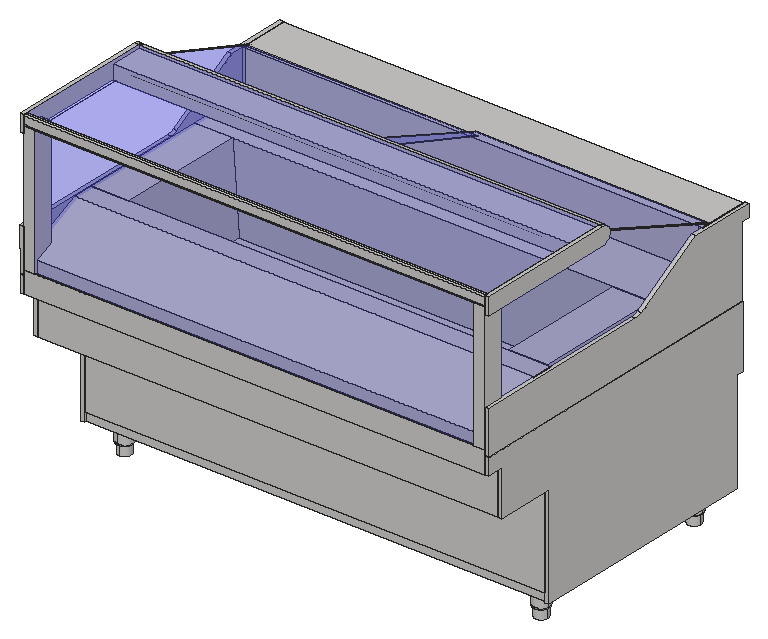
Revit family "Food-Service-Equipment_Oscartek_DCS1610-46H", category Specialty Equipment, Revit 2026
Family settings
  Round Connector Dimension = Use Diameter
  Part Type = Normal
  Classification Number = 23.40.40.11
  Work Plane-Based = No
  Enable Cutting in Views = No
  Always vertical = Yes
  Cut with Voids When Loaded = No
  Maintain Annotation Orientation = No
  Shared = No
  Room Calculation Point = No
Parameters
  Width = 63 3/4"  # constant formula
  Weight in Pounds = 331
  Watts = 1000 W
  Waste Water Discharge Temperature [instance] = -459.67 °F
  Volts = 220 V
  URL Cutsheet = "www.oscartek.com"
  URL = "www.oscartek.com"
  Type Mark [instance] = ""
  Type Comments = "As Specified"
  Test Data = "http://www.oscartek.com/company/clients.php"
  Status [instance] = ""
  Specification by User [instance] = ""
  Specification by Manufacturer = ""
  Specification = "https://www.arcat.com/arcatcos/cos48/arc48760.html"
  Show Clearance [instance] = yes
  Serial Number = ""
  Seismic Rating = ""
  Sales Information = "http://www.oscartek.com/company/contact.php"
  SMACNA No = ""
  Revision Code [instance] = ""
  Revision = "R1_2018-10"
  Product Data = "http://www.oscartek.com/support/manuals/"
  Plumbing Remarks [instance] = ""
  Plumbing Connection Type [instance] = ""
  Phase = 1
  Omniclass Number and Title = ""
  Number of Poles [instance] = 1
  NAFEM Spec ID Number = ""
  Model = "DCS1610-46H"
  Min Ckt Ampacity = 0 A
  Max Overcurrent Protection = 0 A
  Masterspec = ""
  Manufacturer Website = "http://www.oscartek.com/index.php"
  Manufacturer Phone - Toll Free = "855-885-2400"
  Manufacturer Phone = "650-342-2400"
  Manufacturer Fax = "650-342-7400"
  Manufacturer Address = "361 Beach Rd., Burlingame, CA 94010"
  Manufacturer = "OSCARTEK"
  Light Length = Width - 4"  # 59 3/4"
  Item Number [instance] = ""
  Installed By [instance] = ""
  Installation-Fabrication = "http://www.oscartek.com/support/manuals/"
  Indirect Waste Size = 1"  # constant formula
  Indirect Waste Flow [instance] = 0 GPM
  Indirect Waste Connection Type [instance] = ""
  Indirect Waste Connection Height = 0"
  Identify Quantity as Lot [instance] = yes
  HP = ""
  Green Building-LEED = "https://www.arcat.com/green/green_building.shtml"
  Furnished By [instance] = ""
  Foodservice Equipment Identifier [instance] = yes
  FL Amps = Watts / Volts  # 4.54545 A
  Electrical Remarks [instance] = ""
  Electric Connection Type [instance] = ""
  Elec Conn RI Height [instance] = 0"
  Elec Conn Connection Height [instance] = 0"
  Drawn By = "Sumex Design, Inc. / Robert S. Weygant, CSI, CDT, SCIP"
  Description = "DIAMOND HOT SHOWCASES"
  Default Elevation = 0"
  Cycle = 60 Hz
  Copyright = "©Arcat Inc."
  Construction Details = "http://www.oscartek.com/support/manuals/"
  Conn Plug = ""
  Conn Conduit = yes
  Category = ""
  CSI MasterFormat = "11 41 33"
  CSI Master Format = "Foodservice Shelving"
  Building Codes = "https://www.arcat.com/arcatcos/cos48/arc48760.html"
  Body Finish [instance] = QF_Finishes_Stainless Steel
  Apparent Power = if(Phase = 3, Volts * FL Amps * 1.73, Volts * FL Amps)  # 1000 VA
Reference planes (in)
  plane 1 "BACK": y = 0
  plane 2: z = 0
  plane 3 "LEFT": x = 0
  plane 4 "RIGHT": x = 63.75
  plane 5 "FRONT": y = -44.25
  plane 6 "TOP": z = 45.99999
  plane 7 "Center Y": x = 31.875
  plane 8 "Center X": y = -22.125
  plane 9 "base": z = 17.92856
  plane 10: x = 1
  plane 11: x = 62.75
Forms (in)
  Extrusion 1, solid, material "QF_Finishes_Stainless Steel" <- "Body Finish"
    sketch origin (0, -44.25, 0) x (0, -1, 0) y (0, 0, -1)
      loop
        line (-0.5528, -44.60986) -> (-0.5528, -46) -> (-0.12856, -46)
        arc (-0.12856, -46) -> (-0.03766, -45.96234) -> (0, -45.87143) r 0.12856
        line (0, -45.87143) -> (0, -44.78387)
        arc (0, -44.78387) -> (-0.05096, -44.66083) -> (-0.174, -44.60986) r 0.174
        line (-0.174, -44.60986) -> (-0.5528, -44.60986)
      loop
        line (-19.5564, -46) -> (-19.5564, -45.59411) -> (-15.11183, -45.59411) -> (-15.11183, -43.67954) -> (-15.61183, -43.67954) -> (-15.61183, -44.92954) -> (-18.0564, -44.92954) -> (-18.0564, -43.67954) -> (-19.5564, -43.67954)
        arc (-19.5564, -43.67954) -> (-20.71663, -44.83977) -> (-19.5564, -46) r 1.16023
      loop
        line (-2.31297, -17.92856) -> (-10.28174, -17.92856) -> (-10.28174, -5.22229) -> (-10.53174, -5.22229) -> (-10.53174, -3.97229) -> (-16.20099, -3.97229) -> (-16.20099, -5.22229) -> (-36.65227, -5.22229) -> (-36.65227, -3.97229) -> (-42.24423, -3.97229) -> (-42.24423, -5.22229) -> (-42.36829, -5.22229) -> (-42.36829, -17.92856) -> (-43.22627, -17.92856) -> (-43.22627, -36.17971) -> (-44.06429, -36.17971) -> (-44.06429, -37.95445) -> (-37.12476, -37.95445) -> (-37.12476, -32.3647) -> (-28.93013, -32.3647) -> (-30.04596, -19.61061) -> (-9.59393, -20.14991) -> (-11.31061, -32.3647) -> (-8.56061, -32.3647) -> (-0.2764, -28.67633) -> (-0.2764, -27.10344) -> (0, -27.10344) -> (0, -24.10344) -> (-2.31297, -24.10344) -> (-2.31297, -17.92856)
    from 0.5 to 63.25
  Extrusion 2, solid, material "QF_Finishes_Stainless Steel" <- "Body Finish"
    sketch origin (0, -44.25, 0) x (0, -1, 0) y (0, 0, -1)
      loop
        line (-2.31297, -17.92856) -> (-10.28174, -17.92856) -> (-10.28174, -3.97229) -> (-42.36829, -3.97229) -> (-42.36829, -17.92856) -> (-43.23446, -17.92856) -> (-43.23446, -26.40315) -> (0, -26.40315) -> (0, -24.10344) -> (-2.31297, -24.10344) -> (-2.31297, -17.92856)
      loop
        line (-35.31011, -37.95445) -> (-26.08517, -32.62843)
        arc (-26.08517, -32.62843) -> (-25.6104, -32.43178) -> (-25.10092, -32.3647) r 1.9685
        line (-25.10092, -32.3647) -> (0, -32.3647) -> (0, -26.52815) -> (-43.22627, -26.52815) -> (-43.22627, -36.17971) -> (-44.25, -36.17971) -> (-44.25, -37.95445) -> (-35.31011, -37.95445)
    from 0 to 0.5
  Extrusion 3, solid, material "QF_Finishes_Stainless Steel" <- "Body Finish"
    sketch origin (0, -44.25, 0) x (0, -1, 0) y (0, 0, -1)
      loop
        line (0, -27.10344) -> (-2.74998, -27.10344) -> (-2.74998, -44.60986) -> (0, -44.60986) -> (0, -27.10344)
    from 0.5 to 2
  Extrusion 4, solid, material "QF_Finishes_Stainless Steel" <- "Body Finish"
    sketch origin (0, -44.25, 0) x (0, -1, 0) y (0, 0, -1)
      loop
        line (0, -46) -> (0, -43.67954) -> (-19.5564, -43.67954)
        arc (-19.5564, -43.67954) -> (-20.71663, -44.83977) -> (-19.5564, -46) r 1.16023
        line (-19.5564, -46) -> (0, -46)
    from 0 to 0.5
  Extrusion 5, solid, material "QF_Finishes_Stainless Steel" <- "Body Finish"
    sketch origin (63.75, 0, 0) x (0, 1, 0) y (0, 0, 1)
      loop
        line (-44.25, 46) -> (-44.25, 43.67954) -> (-24.6936, 43.67954)
        arc (-24.6936, 43.67954) -> (-23.53337, 44.83977) -> (-24.6936, 46) r 1.16023
        line (-24.6936, 46) -> (-44.25, 46)
    from 0 to -0.5
  Extrusion 6, solid, material "QF_Finishes_Stainless Steel" <- "Body Finish"
    sketch origin (44, -44.25, 0) x (0, -1, 0) y (0, 0, -1)
      loop
        line (0, -27.10344) -> (-2.74998, -27.10344) -> (-2.74998, -44.60986) -> (0, -44.60986) -> (0, -27.10344)
    from 19.25 to 17.75
  Extrusion 7, solid, material "Glass"
    sketch origin (0, -44.25, 0) x (1, 0, 0) y (0, 1, 0)
      loop
        line (2, 0) -> (61.75, 0) -> (61.75, 0.2764) -> (2, 0.2764) -> (2, 0)
    from 27.10344 to 44.60986
  Extrusion 8, solid, material "QF_Finishes_Stainless Steel" <- "Body Finish"
    sketch origin (63.75, 0, 0) x (0, 1, 0) y (0, 0, 1)
      loop
        line (-41.93703, 17.92856) -> (-33.96826, 17.92856) -> (-33.96826, 3.97229) -> (-1.88171, 3.97229) -> (-1.88171, 17.92856) -> (-1.01554, 17.92856) -> (-1.01554, 26.40315) -> (-44.25, 26.40315) -> (-44.25, 24.10344) -> (-41.93703, 24.10344) -> (-41.93703, 17.92856)
      loop
        line (-8.93989, 37.95445) -> (-18.16483, 32.62843)
        arc (-18.16483, 32.62843) -> (-18.6396, 32.43178) -> (-19.14908, 32.3647) r 1.9685
        line (-19.14908, 32.3647) -> (-44.25, 32.3647) -> (-44.25, 26.52815) -> (-1.02373, 26.52815) -> (-1.02373, 36.17971) -> (0, 36.17971) -> (0, 37.95445) -> (-8.93989, 37.95445)
    from 0 to -0.5
  Revolve 9, solid, material "QF_Finishes_Stainless Steel"
    sketch origin (3.5, -44.25, 0) x (0, -1, 0) y (0, 0, -1)
      loop
        line (-13.37229, 0) -> (-13.37229, -3.97229) -> (-12.18681, -3.97229) -> (-12.18681, -3.77531) -> (-12.27584, -3.77531) -> (-12.27584, -1.45503)
        arc (-12.27584, -1.45503) -> (-12.32001, -1.34838) -> (-12.42666, -1.30421) r 0.15082
        line (-12.42666, -1.30421) -> (-12.50615, -1.30421) -> (-12.50615, 0) -> (-13.37229, 0)
      axis (-13.37229, -3.97229) -> (-13.37229, 0)
    angle from 0 to 360
  Revolve 10, solid, material "QF_Finishes_Stainless Steel"
    sketch origin (3.5, -18.18706, 0) x (0, -1, 0) y (0, 0, -1)
      loop
        line (-13.37229, 0) -> (-13.37229, -3.97229) -> (-12.18681, -3.97229) -> (-12.18681, -3.77531) -> (-12.27584, -3.77531) -> (-12.27584, -1.45503)
        arc (-12.27584, -1.45503) -> (-12.32001, -1.34838) -> (-12.42666, -1.30421) r 0.15082
        line (-12.42666, -1.30421) -> (-12.50615, -1.30421) -> (-12.50615, 0) -> (-13.37229, 0)
      axis (-13.37229, -3.97229) -> (-13.37229, 0)
    angle from 0 to 360
  Revolve 11, solid, material "QF_Finishes_Stainless Steel"
    sketch origin (53.87229, -30.87771, 0) x (1, 0, 0) y (0, 0, 1)
      loop
        line (6.37771, 0) -> (7.24385, 0) -> (7.24385, 1.30421) -> (7.32334, 1.30421)
        arc (7.32334, 1.30421) -> (7.42999, 1.34838) -> (7.47416, 1.45503) r 0.15082
        line (7.47416, 1.45503) -> (7.47416, 3.77531) -> (7.56319, 3.77531) -> (7.56319, 3.97229) -> (6.37771, 3.97229) -> (6.37771, 0)
      axis (6.37771, 3.97229) -> (6.37771, 0)
    angle from 0 to 360
  Revolve 12, solid, material "QF_Finishes_Stainless Steel"
    sketch origin (53.87229, -4.81477, 0) x (1, 0, 0) y (0, 0, 1)
      loop
        line (6.37771, 0) -> (7.24385, 0) -> (7.24385, 1.30421) -> (7.32334, 1.30421)
        arc (7.32334, 1.30421) -> (7.42999, 1.34838) -> (7.47416, 1.45503) r 0.15082
        line (7.47416, 1.45503) -> (7.47416, 3.77531) -> (7.56319, 3.77531) -> (7.56319, 3.97229) -> (6.37771, 3.97229) -> (6.37771, 0)
      axis (6.37771, 3.97229) -> (6.37771, 0)
    angle from 0 to 360
  Extrusion 13, solid, material "Glass"
    sketch origin (0, -44.25, 0) x (0, -1, 0) y (0, 0, -1)
      loop
        line (-0.5528, -46) -> (-0.5528, -45.59411) -> (-19.5564, -45.59411) -> (-19.5564, -46) -> (-0.5528, -46)
    from 0.5 to 63.25
  Extrusion 14, solid, material "QF_Finishes_Door Clearance", visible <- "Show Clearance", detail levels coarse
    sketch origin (0, -44.25, 0) x (0, -1, 0) y (0, 0, -1)
      loop
        line (17.50642, -27.10344) -> (0, -27.10344) -> (0, -44.60986)
        arc (0, -44.60986) -> (12.37891, -39.48235) -> (17.50642, -27.10344) r 17.50642
    from 0.5 to 63.25
  Extrusion 15, solid, material "QF_Finishes_Stainless Steel"
    sketch origin (0, -44.25, 17.92856) x (-1, 0, 0) y (0, -1, 0)
      loop
        circle (-5.75, -36.79348) r 0.5
      loop
        circle (-58, -36.79348) r 0.5
    from 0 to -1
  Extrusion 16, solid, material "QF_Finishes_Stainless Steel"
    sketch origin (6.41012, -1.88171, 5.22229) x (0, 0, 1) y (-1, 0, 0)
      loop
        line (12.70627, -40.1062) -> (11.20627, -40.1062) -> (11.20627, -46.1062) -> (12.70627, -46.1062) -> (12.70627, -40.1062)
    from 0 to -1
  Extrusion 17, solid, material "Glass"
    sketch origin (44, -44.25, 0) x (0, -1, 0) y (0, 0, 1)
      loop
        line (-20.70992, 44.96435) -> (-38.26035, 38.10722) -> (-38.20304, 37.96053) -> (-20.71601, 44.80186)
        arc (-20.71601, 44.80186) -> (-20.71582, 44.88321) -> (-20.70992, 44.96435) r 1.16023
    from -19.25 to 12.625
  Extrusion 18, solid, material "Glass"
    sketch origin (0, -44.25, 0) x (0, -1, 0) y (0, 0, 1)
      loop
        line (-2.74998, 43.67954) -> (-19.5564, 43.67954)
        arc (-19.5564, 43.67954) -> (-20.14761, 43.84147) -> (-20.5738, 44.28206) r 1.16023
        line (-20.5738, 44.28206) -> (-38.07788, 37.95445) -> (-37.12476, 37.95445) -> (-37.12476, 26.42856) -> (-7.45443, 26.42856) -> (-7.45443, 26.70633) -> (-4.63984, 28.33133) -> (-2.74998, 28.33133) -> (-2.74998, 43.67954)
    from -0.5 to -1
  Extrusion 19, solid, material "Glass"
    sketch origin (0, -44.25, 0) x (0, -1, 0) y (0, 0, 1)
      loop
        line (-20.5738, 44.28206) -> (-37.65129, 38.10866) -> (-37.59776, 37.96056) -> (-20.48648, 44.14617)
        arc (-20.48648, 44.14617) -> (-20.53251, 44.2126) -> (-20.5738, 44.28206) r 1.16023
    from -0.5 to -32.375
  Extrusion 20, solid, material "Glass"
    sketch origin (62.75, -180, 44.05288) x (0, 0, -1) y (0, 1, 0)
      loop
        line (0.37334, 138.49998) -> (15.72156, 138.49998) -> (15.72156, 140.38984) -> (17.34656, 143.20443) -> (17.62432, 143.20443) -> (17.62432, 172.87476) -> (6.09843, 172.87476) -> (6.09843, 173.96858) -> (-0.74897, 156.46601)
        arc (-0.74897, 156.46601) -> (0.04682, 156.11329) -> (0.37334, 155.3064) r 1.16023
        line (0.37334, 155.3064) -> (0.37334, 138.49998)
    from 0.5 to 0
  Extrusion 21, solid, material "QF_Finishes_Stainless Steel" <- "Body Finish"
    sketch origin (0, 0.88572, 0) x (0, 1, 0) y (0, 0, 1)
      loop
        line (-15.08975, 19.61061) -> (-16.20559, 32.3647) -> (-33.82511, 32.3647) -> (-35.54179, 20.14991) -> (-15.08975, 19.61061)
    from 0.5 to 5.75
  Extrusion 22, solid, material "QF_Finishes_Stainless Steel" <- "Body Finish"
    sketch origin (63.25, 0.88572, 0) x (0, -1, 0) y (0, 0, 1)
      loop
        line (15.08975, 19.61061) -> (35.54179, 20.14991) -> (33.82511, 32.3647) -> (16.20559, 32.3647) -> (15.08975, 19.61061)
    from 0.5 to 5.75
Lines and regions (in)
  Split face 1
    outline origin (6.41012, -0.88171, 5.22229) x (0, 0, 1) y (-1, 0, 0)
      loop
        line (12.34422, -41.26577) -> (11.59422, -41.26577) -> (11.59422, -45.26577) -> (12.34422, -45.26577) -> (12.34422, -41.26577)
  symbolic lines
    curve 1: line (0, -44.25, 0) -> (63.75, -44.25, 0)
    curve 2: line (0, 0, 0) -> (0, -44.25, 0)
    curve 3: line (63.75, -44.25, 0) -> (63.75, 0, 0)
    curve 4: line (63.25, 0, 0) -> (63.25, -44.25, 0)
    curve 5: line (0.5, -44.25, 0) -> (0.5, 0, 0)
    curve 6: line (0.5, -6.59871, 0) -> (31.375, -6.59871, 0)
    curve 7: line (31.375, -5.98965, 0) -> (31.375, -23.53337, 0)
    curve 8: line (31.375, -5.98965, 0) -> (63.25, -5.98965, 0)
    curve 9: line (0, -23.53337, 0) -> (63.75, -23.53337, 0)
    curve 10: line (0.5, -24.7561, 0) -> (63.25, -24.7561, 0)
    curve 11: line (0.5, -43.6537, 0) -> (63.25, -43.6537, 0)
    curve 12: line (0, 0, 0) -> (63.75, 0, 0)
  symbolic lines, style "QF-Door Swings"
    curve 13: line (63.25, -61.87838, 0) -> (0.5, -61.87838, 0)
    curve 14: line (0.5, -61.87838, 0) -> (0.5, -44.25, 0)
    curve 15: line (63.25, -44.25, 0) -> (63.25, -61.87838, 0)
Dimensions and locks (in)
  equal spacing: plane 3 "LEFT", plane 7 "Center Y", plane 4 "RIGHT"
  "Width": plane 3 "LEFT" to plane 4 "RIGHT"
  equal spacing: plane 5 "FRONT", plane 8 "Center X", plane 1 "BACK"
  plane 5 "FRONT" to plane 1 "BACK" = 44 1/4"
  Extrusion 16 sketch curve to Extrusion 16 sketch curve to plane 4 "RIGHT" = 6" locked, 11.23369"
  locked: plane 3 "LEFT" to plane 10 at 1
  locked: plane 4 "RIGHT" to plane 11 at 1
  plane 4 "RIGHT" to Extrusion 6 to Extrusion 6 = 1/2" locked, 1 1/2" locked
  Extrusion 3 to Extrusion 3 to plane 3 "LEFT" = 1 1/2" locked, 1/2" locked
  Extrusion 17 to plane 7 "Center Y" to Extrusion 19 = 1/2" locked, 1/2" locked
  plane 6 "TOP" to level = 46"
  aligned and locked: level to plane 2
  aligned and locked: Extrusion 14 to Extrusion 6
  aligned and locked: Extrusion 6 to Extrusion 17
  aligned and locked: Extrusion 1 to Extrusion 6
  aligned and locked: Extrusion 6 to Extrusion 13
  aligned and locked: nested 1 to plane 7 "Center Y"
Automatic sketch dimensions
  Extrusion 2 sketch curve to plane 9 "base" = 0"  (x2)
  plane 1 "BACK" to Extrusion 2 sketch curve = 0"
  plane 1 "BACK" to Extrusion 2 sketch curve = 1.01554"
  Extrusion 2 sketch curve to Extrusion 2 sketch curve = 0.00819"
  plane 1 "BACK" to Extrusion 2 sketch curve = 1.88171"
  Extrusion 2 sketch curve to Extrusion 2 sketch curve = 7.91616"
  plane 8 "Center X" to Extrusion 2 sketch curve = 3.96017"
  Extrusion 2 sketch curve to Extrusion 2 sketch curve = 0.98425"
  level to Extrusion 2 sketch curve = 3.97229"
  Extrusion 2 sketch curve to plane 5 "FRONT" = 10.28174"
  Extrusion 2 sketch curve to plane 5 "FRONT" = 2.31297"
  plane 5 "FRONT" to Extrusion 2 sketch curve = 0"
  Extrusion 2 sketch curve to Extrusion 2 sketch curve = 0"
  Extrusion 2 sketch curve to Extrusion 2 sketch curve = 6.17488"
  Extrusion 2 sketch curve to Extrusion 2 sketch curve = 2.29971"
  Extrusion 2 sketch curve to Extrusion 2 sketch curve = 1/8"
  Extrusion 2 sketch curve to Extrusion 2 sketch curve = 5.83655"
  Extrusion 2 sketch curve to Extrusion 2 sketch curve = 0.26373"
  Extrusion 2 sketch curve to Extrusion 2 sketch curve = 9.65156"
  Extrusion 2 sketch curve to Extrusion 2 sketch curve = 1.77474"
  Extrusion 3 sketch curve to plane 5 "FRONT" = 2.74998"
  plane 5 "FRONT" to Extrusion 3 sketch curve = 0"
  plane 9 "base" to Extrusion 3 sketch curve = 26.6813"
  plane 9 "base" to Extrusion 3 sketch curve = 9.17488"
  Extrusion 4 sketch curve to plane 8 "Center X" = 2.5686"
  plane 5 "FRONT" to Extrusion 4 sketch curve = 0"
  plane 9 "base" to Extrusion 4 sketch curve = 28.07144"
  Extrusion 4 sketch curve to Extrusion 4 sketch curve = 1.16023"
  Extrusion 6 sketch curve to plane 5 "FRONT" = 2.74998"
  plane 5 "FRONT" to Extrusion 6 sketch curve = 0"
  plane 9 "base" to Extrusion 6 sketch curve = 26.6813"
  plane 9 "base" to Extrusion 6 sketch curve = 9.17488"
  plane 5 "FRONT" to Extrusion 7 sketch curve = 0.2764"
  Extrusion 7 sketch curve to plane 3 "LEFT" = 2"
  Extrusion 7 sketch curve to plane 5 "FRONT" = 0"
  plane 4 "RIGHT" to Extrusion 7 sketch curve = 2"
  Revolve 9 sketch curve to level = 0"
  Revolve 9 sketch curve to plane 8 "Center X" = 8.75271"
  Revolve 9 sketch curve to Revolve 9 sketch curve = 0"
  Revolve 9 sketch curve to Revolve 9 sketch curve = 0.86614"
  Revolve 9 sketch curve to Revolve 9 sketch curve = 0.07949"
  Revolve 9 sketch curve to Revolve 9 sketch curve = 1.09644"
  Revolve 9 sketch curve to Revolve 9 sketch curve = 0.08904"
  level to Revolve 9 sketch curve = 1.30421"
  Revolve 9 sketch curve to Revolve 9 sketch curve = 1.40035"
  Revolve 9 sketch curve to Revolve 9 sketch curve = 0.91993"
  Revolve 9 sketch curve to Revolve 9 sketch curve = 0.19698"
  Revolve 9 sketch curve to Revolve 9 sketch curve = 0.14462"
  Revolve 10 sketch curve to level = 0"
  plane 1 "BACK" to Revolve 10 sketch curve = 4.81477"
  Revolve 10 sketch curve to Revolve 10 sketch curve = 0"
  Revolve 10 sketch curve to Revolve 10 sketch curve = 0.86614"
  Revolve 10 sketch curve to Revolve 10 sketch curve = 0.07949"
  Revolve 10 sketch curve to Revolve 10 sketch curve = 1.09644"
  Revolve 10 sketch curve to Revolve 10 sketch curve = 0.08904"
  level to Revolve 10 sketch curve = 1.30421"
  Revolve 10 sketch curve to Revolve 10 sketch curve = 1.40035"
  Revolve 10 sketch curve to Revolve 10 sketch curve = 0.91993"
  Revolve 10 sketch curve to Revolve 10 sketch curve = 0.19698"
  Revolve 10 sketch curve to Revolve 10 sketch curve = 0.14462"
  Revolve 11 sketch curve to level = 0"
  Revolve 11 sketch curve to Revolve 11 sketch curve = 0"
  Revolve 11 sketch curve to Revolve 11 sketch curve = 0.86614"
  Revolve 11 sketch curve to Revolve 11 sketch curve = 0.07949"
  Revolve 11 sketch curve to Revolve 11 sketch curve = 1.09644"
  Revolve 11 sketch curve to Revolve 11 sketch curve = 0.08904"
  Revolve 11 sketch curve to Revolve 11 sketch curve = 0.14462"
  level to Revolve 11 sketch curve = 1.30421"
  Revolve 11 sketch curve to Revolve 11 sketch curve = 1.40035"
  Revolve 11 sketch curve to Revolve 11 sketch curve = 0.91993"
  Revolve 11 sketch curve to Revolve 11 sketch curve = 0.19698"
  Revolve 12 sketch curve to level = 0"
  Revolve 12 sketch curve to Revolve 12 sketch curve = 0"
  Revolve 12 sketch curve to Revolve 12 sketch curve = 0.86614"
  Revolve 12 sketch curve to Revolve 12 sketch curve = 0.07949"
  Revolve 12 sketch curve to Revolve 12 sketch curve = 1.09644"
  Revolve 12 sketch curve to Revolve 12 sketch curve = 0.08904"
  Revolve 12 sketch curve to Revolve 12 sketch curve = 0.14462"
  level to Revolve 12 sketch curve = 1.30421"
  Revolve 12 sketch curve to Revolve 12 sketch curve = 1.40035"
  Revolve 12 sketch curve to Revolve 12 sketch curve = 0.91993"
  Revolve 12 sketch curve to Revolve 12 sketch curve = 0.19698"
  Extrusion 13 sketch curve to plane 8 "Center X" = 2.5686"
  Extrusion 13 sketch curve to plane 5 "FRONT" = 0.5528"
  plane 9 "base" to Extrusion 13 sketch curve = 28.07144"
  Extrusion 13 sketch curve to Extrusion 13 sketch curve = 0.40588"
  Extrusion 15 sketch curve to plane 4 "RIGHT" = 5 3/4"
  plane 3 "LEFT" to Extrusion 15 sketch curve = 5 3/4"
  plane 1 "BACK" to Extrusion 15 sketch curve = 7.45652"  (x2)
  Extrusion 16 sketch curve to plane 9 "base" = 0"
  Extrusion 16 sketch curve to Extrusion 16 sketch curve = 1 1/2"
  Split face 1 sketch curve to Extrusion 16 = 0.38795"
  Split face 1 sketch curve to Extrusion 16 = 0.36205"
  Split face 1 sketch curve to Extrusion 16 = 0.84043"
  Split face 1 sketch curve to Extrusion 16 = 1.15957"
  plane 1 "BACK" to Extrusion 17 sketch curve = 5.98965"
  Extrusion 17 sketch curve to Extrusion 17 sketch curve = 0.05731"
  Extrusion 17 sketch curve to plane 8 "Center X" = 1.41508"
  Extrusion 17 sketch curve to Extrusion 17 sketch curve = 0.00609"
  Extrusion 17 sketch curve to Extrusion 17 sketch curve = 1.15961"
  plane 9 "base" to Extrusion 17 sketch curve = 20.03197"
  Extrusion 17 sketch curve to Extrusion 17 sketch curve = 0.14668"
  plane 1 "BACK" to Extrusion 18 sketch curve = 6.17212"
  Extrusion 18 sketch curve to Extrusion 18 sketch curve = 61/64"
  Extrusion 18 sketch curve to plane 8 "Center X" = 1.5512"
  Extrusion 18 sketch curve to Extrusion 18 sketch curve = 1.0174"
  Extrusion 18 sketch curve to plane 5 "FRONT" = 7.45443"
  Extrusion 18 sketch curve to Extrusion 18 sketch curve = 2.81458"
  Extrusion 18 sketch curve to plane 5 "FRONT" = 2.74998"
  plane 9 "base" to Extrusion 18 sketch curve = 8 1/2"
  Extrusion 18 sketch curve to Extrusion 18 sketch curve = 0.27777"
  Extrusion 18 sketch curve to Extrusion 18 sketch curve = 1 5/8"
  Extrusion 18 sketch curve to Extrusion 18 sketch curve = 11.52589"
  Extrusion 18 sketch curve to Extrusion 18 sketch curve = 15.34821"
  Extrusion 18 sketch curve to Extrusion 18 sketch curve = 0.60253"
  plane 1 "BACK" to Extrusion 19 sketch curve = 6.59871"
  Extrusion 19 sketch curve to Extrusion 19 sketch curve = 0.05354"
  Extrusion 19 sketch curve to plane 8 "Center X" = 1.5512"
  Extrusion 19 sketch curve to Extrusion 19 sketch curve = 0.08731"
  Extrusion 19 sketch curve to Extrusion 19 sketch curve = 1.0174"
  plane 9 "base" to Extrusion 19 sketch curve = 20.032"
  Extrusion 19 sketch curve to Extrusion 19 sketch curve = 0.1481"
  curve 1 to plane 3 "LEFT" = 0"
  plane 5 "FRONT" to curve 5 = 0"
  plane 1 "BACK" to curve 5 = 0"
  curve 3 to plane 4 "RIGHT" = 0"
  plane 3 "LEFT" to curve 14 = 1/2"
  plane 3 "LEFT" to curve 11 = 1/2"
  curve 4 to plane 4 "RIGHT" = 1/2"
  curve 15 to curve 4 = 0"
  plane 5 "FRONT" to curve 13 = 17.62838"
  curve 11 to plane 5 "FRONT" = 0.5963"
  curve 10 to plane 8 "Center X" = 2.6311"
  curve 10 to curve 9 = 1.22273"
  plane 1 "BACK" to curve 8 = 5.98965"
  curve 6 to curve 8 = 0.60905"
  curve 7 to plane 7 "Center Y" = 1/2"
  Extrusion 8 sketch curve to plane 5 "FRONT" = 0"  (x2)
  Extrusion 8 sketch curve to plane 9 "base" = 0"  (x2)
  Extrusion 8 sketch curve to plane 1 "BACK" = 0"
  Extrusion 8 sketch curve to plane 5 "FRONT" = 2.31297"
  level to Extrusion 8 sketch curve = 3.97229"
  Extrusion 8 sketch curve to plane 5 "FRONT" = 10.28174"
  plane 8 "Center X" to Extrusion 8 sketch curve = 2.97592"
  Extrusion 8 sketch curve to Extrusion 8 sketch curve = 0.98425"
  Extrusion 8 sketch curve to Extrusion 8 sketch curve = 8.93989"
  plane 1 "BACK" to Extrusion 8 sketch curve = 1.88171"
  plane 1 "BACK" to Extrusion 8 sketch curve = 1.02373"
  Extrusion 8 sketch curve to Extrusion 8 sketch curve = 0.86617"
  plane 9 "base" to Extrusion 8 sketch curve = 6.17488"
  Extrusion 8 sketch curve to Extrusion 8 sketch curve = 2.29971"
  Extrusion 8 sketch curve to Extrusion 8 sketch curve = 1/8"
  plane 9 "base" to Extrusion 8 sketch curve = 14.43614"
  Extrusion 8 sketch curve to Extrusion 8 sketch curve = 0.26373"
  Extrusion 8 sketch curve to Extrusion 8 sketch curve = 9.65156"
  Extrusion 8 sketch curve to Extrusion 8 sketch curve = 1.77474"
  plane 8 "Center X" to Extrusion 20 sketch curve = 2.5686"
  Extrusion 20 sketch curve to plane 9 "base" = 26.91121"
  Extrusion 20 sketch curve to Extrusion 20 sketch curve = 0.03791"
  Extrusion 20 sketch curve to Extrusion 20 sketch curve = 1.16023"
  Extrusion 20 sketch curve to plane 1 "BACK" = 6.03142"
  Extrusion 20 sketch curve to Extrusion 20 sketch curve = 6.8474"
  plane 5 "FRONT" to Extrusion 20 sketch curve = 2.74998"
  Extrusion 20 sketch curve to plane 9 "base" = 10.40277"
  Extrusion 20 sketch curve to Extrusion 20 sketch curve = 1 5/8"
  Extrusion 20 sketch curve to plane 9 "base" = 8 1/2"
  Extrusion 20 sketch curve to Extrusion 20 sketch curve = 1.09382"
  Extrusion 20 sketch curve to Extrusion 20 sketch curve = 4.70445"
  Extrusion 20 sketch curve to Extrusion 20 sketch curve = 1.88987"
  Revolve 12 sketch curve to plane 11 = 2 1/2"
  Revolve 11 sketch curve to plane 11 = 2 1/2"
  Extrusion 14 sketch curve to plane 5 "FRONT" = 0"
  plane 9 "base" to Extrusion 14 sketch curve = 26.6813"
  Extrusion 14 sketch curve to Extrusion 14 sketch curve = 17.50642"
  Extrusion 5 sketch curve to plane 5 "FRONT" = 0"
  Extrusion 5 sketch curve to plane 8 "Center X" = 2.5686"
  plane 9 "base" to Extrusion 5 sketch curve = 25.75097"
  Extrusion 5 sketch curve to Extrusion 5 sketch curve = 1.16023"
  Extrusion 1 sketch curve to plane 5 "FRONT" = 0"  (x2)
  Extrusion 1 sketch curve to plane 5 "FRONT" = 0.12856"
  Extrusion 1 sketch curve to plane 5 "FRONT" = 0.174"
  Extrusion 1 sketch curve to Extrusion 1 sketch curve = 0.3788"
  Extrusion 1 sketch curve to plane 5 "FRONT" = 0.2764"
  Extrusion 1 sketch curve to plane 5 "FRONT" = 2.31297"
  Extrusion 1 sketch curve to Extrusion 1 sketch curve = 8.28421"
  Extrusion 1 sketch curve to Extrusion 1 sketch curve = 7.28096"
  Extrusion 1 sketch curve to plane 8 "Center X" = 11.84326"
  Extrusion 1 sketch curve to Extrusion 1 sketch curve = 1/4"
  Extrusion 1 sketch curve to Extrusion 1 sketch curve = 2 3/4"
  Extrusion 1 sketch curve to plane 8 "Center X" = 7.01317"
  Extrusion 1 sketch curve to Extrusion 1 sketch curve = 1/2"
  Extrusion 1 sketch curve to plane 8 "Center X" = 5.92401"
  Extrusion 1 sketch curve to Extrusion 1 sketch curve = 2.44457"
  Extrusion 1 sketch curve to Extrusion 1 sketch curve = 1 1/2"
  plane 8 "Center X" to Extrusion 1 sketch curve = 6.80513"
  plane 8 "Center X" to Extrusion 1 sketch curve = 7.92096"
  plane 1 "BACK" to Extrusion 1 sketch curve = 7.59773"
  plane 1 "BACK" to Extrusion 1 sketch curve = 7.12524"
  plane 1 "BACK" to Extrusion 1 sketch curve = 2.00577"
  Extrusion 1 sketch curve to Extrusion 1 sketch curve = 0.12406"
  plane 1 "BACK" to Extrusion 1 sketch curve = 1.02373"
  plane 1 "BACK" to Extrusion 1 sketch curve = 0.18571"
  plane 9 "base" to Extrusion 1 sketch curve = 28.07144"
  Extrusion 1 sketch curve to Extrusion 1 sketch curve = 0"  (x2)
  Extrusion 1 sketch curve to Extrusion 1 sketch curve = 0.40588"
  Extrusion 1 sketch curve to Extrusion 1 sketch curve = 0.66458"
  Extrusion 1 sketch curve to Extrusion 1 sketch curve = 0.75435"
  Extrusion 1 sketch curve to Extrusion 1 sketch curve = 1.08757"
  Extrusion 1 sketch curve to Extrusion 1 sketch curve = 1 1/4"  (x3)
  level to Extrusion 1 sketch curve = 37.95445"
  Extrusion 1 sketch curve to Extrusion 1 sketch curve = 1.77474"
  Extrusion 1 sketch curve to Extrusion 1 sketch curve = 5.58975"
  level to Extrusion 1 sketch curve = 32.3647"
  Extrusion 1 sketch curve to Extrusion 1 sketch curve = 3.68837"
  Extrusion 1 sketch curve to Extrusion 1 sketch curve = 1.57289"
  Extrusion 1 sketch curve to Extrusion 1 sketch curve = 3"
  Extrusion 1 sketch curve to Extrusion 1 sketch curve = 3.95353"
  Extrusion 1 sketch curve to Extrusion 1 sketch curve = 12.75409"
  Extrusion 1 sketch curve to Extrusion 1 sketch curve = 6.17488"
  Extrusion 1 sketch curve to Extrusion 1 sketch curve = 1.68205"
  Extrusion 1 sketch curve to Extrusion 1 sketch curve = 12.70627"  (x2)
  plane 9 "base" to Extrusion 21 sketch curve = 2.22135"
  Extrusion 21 sketch curve to plane 5 "FRONT" = 9.59393"
  Extrusion 21 sketch curve to plane 5 "FRONT" = 11.31061"
  plane 8 "Center X" to Extrusion 21 sketch curve = 6.80513"
  plane 9 "base" to Extrusion 21 sketch curve = 1.68205"
  plane 8 "Center X" to Extrusion 21 sketch curve = 7.92096"
  Extrusion 21 sketch curve to Extrusion 21 sketch curve = 12.21479"
  Extrusion 8 to Extrusion 22 sketch curve = 0"
  Extrusion 22 sketch curve to Extrusion 8 = 0.68781"
  Extrusion 8 to Extrusion 22 sketch curve = 1.02887"
  Extrusion 8 to Extrusion 22 sketch curve = 13.43816"
  Extrusion 8 to Extrusion 22 sketch curve = 1.68205"
  Extrusion 22 sketch curve to Extrusion 22 sketch curve = 1.11584"
  Extrusion 8 to Extrusion 22 sketch curve = 2.22135"
  radius of Extrusion 15 sketch curve = 1/2"  (x2)
Nested families (in)
  nested 1: "DC1610-46H_Lights" at (31.875, -27.41589, -9.25), type "DC1610-46H_Lights"
Connectors (in)
  piping at (58, -7.45652, 16.92856), diameter 1
    settings: on Extrusion 15, index 5, connector inside diameter 1", connector length 0", flow factor 0, pipe flow 0 GPM, pressure drop 0.00 psi, fitting loss kfactor 0, connector angle 0.00°, fixture units 0, engagement length 0", angle of deflection 0.00°, flow configuration 1, flow direction 2, fitting loss method 0, system type 16, joint type 0, gender type 0, connector reference index -1, connector utility 0, adjustable connector no, is connector primary yes, connector description "Drain"
  piping at (5.75, -7.45652, 16.92856), diameter 1
    settings: on Extrusion 15, index 6, connector inside diameter 1", connector length 0", flow factor 0, pipe flow 0 GPM, pressure drop 0.00 psi, fitting loss kfactor 0, connector angle 0.00°, fixture units 0, engagement length 0", angle of deflection 0.00°, flow configuration 1, flow direction 2, fitting loss method 0, system type 16, joint type 0, gender type 0, connector reference index -1, connector utility 0, adjustable connector no, is connector primary no, connector description "Drain"
  electrical at (31.875, -17.82337, 5.22229), driven by "Volts", driven by "Watts"
    settings: on Extrusion 1, index 7, voltage 220 V, apparent load 1000 VA, apparent load phase1 0 VA, apparent load phase2 0 VA, apparent load phase3 0 VA, power factor 1, load classification "Other", number of poles 1, system type 30, power factor state 1, is connector primary yes, connector utility no, sub classification motor no, connector description "Electrical Connection"
Definition of nested family "DC1610-46H_Lights"
  Parameters
    Wattage = 12.1178 W
    built-in parameter 1150110 = 1 (stored number, unit not read)
    built-in parameter 1114217 = 1 (stored number, unit not read)
    built-in parameter 1150109 = 1 (stored number, unit not read)
    built-in parameter 1150134 = (empty or 0)
    built-in parameter 1150113 = 1 (stored number, unit not read)
    Lumens = 1800 lm
    built-in parameter 1150115 = 1 (stored number, unit not read)
    built-in parameter 1150105 = 572.96 (stored number, unit not read)
    Light Source Symbol Size = 24"
    built-in parameter 1150137 = (empty or 0)
    built-in parameter 1150139 = (empty or 0)
    built-in parameter 1150112 = 1 (stored number, unit not read)
    built-in parameter 1150114 = 1 (stored number, unit not read)
    built-in parameter 1150132 = 2
    built-in parameter 1150102 = (empty or 0)
    built-in parameter 1150138 = (empty or 0)
    built-in parameter 1150107 = 3000 (stored number, unit not read)
    built-in parameter 1150106 = 5.7296 (stored number, unit not read)
    Emit from Line Length = 40"
    built-in parameter 1150104 = 13.8 (stored number, unit not read)
    Dimming Lamp Color Temperature Shift = (empty or 0)
    Default Elevation = 0"
    Color Filter = 16777215
    built-in parameter 1114218 = 1 (stored number, unit not read)
    built-in parameter 1150133 = 10 (stored number, unit not read)
    Assembly Code = ""
  Reference planes (in)
    plane 1 "Light Source Axis (F/B)": y = 0
    plane 2: z = 0
    plane 3 "Light Source Axis (L/R)": x = 0
    plane 4 "Light Source Elevation": z = 54
    plane 5: x = 20
    plane 6: x = -20
  Forms (in)
    Extrusion 1, solid
      sketch origin (0, 0, 0) x (0, 1, 0) y (0, 0, 1)
        loop
          circle (0, 53.55518) r 0.44482
      from -20 to 20
  Dimensions and locks (in)
    equal spacing: plane 6, plane 3 "Light Source Axis (L/R)", plane 5
    "Emit from Line Length": plane 6 to plane 5
    aligned and locked: plane 3 "Light Source Axis (L/R)" to imposter light
    aligned and locked: plane 1 "Light Source Axis (F/B)" to imposter light
    aligned and locked: plane 4 "Light Source Elevation" to imposter light
    aligned and locked: level to plane 2
    aligned and locked: imposter light to Extrusion 1
    aligned and locked: plane 5 to Extrusion 1
  Automatic sketch dimensions
    Extrusion 1 sketch curve to plane 1 "Light Source Axis (F/B)" = 0"
    plane 4 "Light Source Elevation" to Extrusion 1 sketch curve = 0.44482"
    radius of Extrusion 1 sketch curve = 0.44482"
